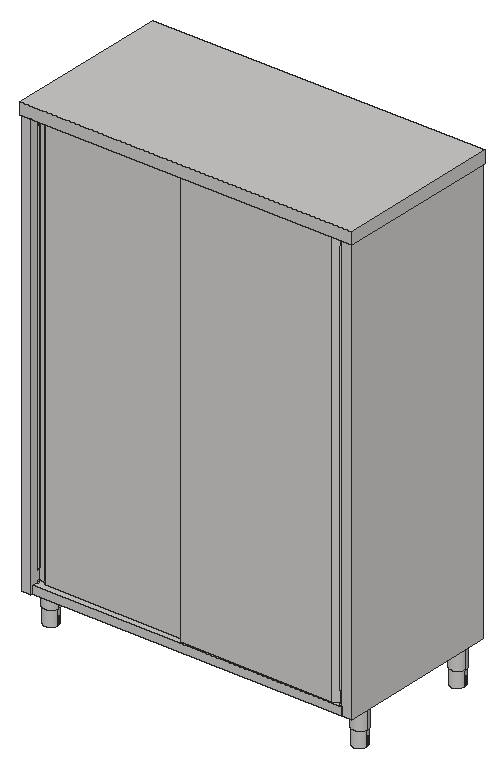
Revit family "QF_ZANUSSI_133102_AS1400EN", category Attrezzature speciali, Revit 2020
Family settings
  Quota connettore circolare = Usa diametro
  Tipo di parte = Normale
  Basato su piano di lavoro = No
  Sempre verticale = Sì
  Taglio con vuoti quando caricato = No
  Condiviso = No
  Punto di calcolo locali = No
Parameters (values of type "Standard")
  Weight = 120.00 kg
  Watts = 0 W
  Volts = 0 V
  URL Manufacturer = "http://www.zanussiprofessional.com"
  URL = "http://www.zanussiprofessional.com"
  Steam Supply Size = 0 mm
  Steam Supply Minimum Pressure = 0.0 Pa
  Steam Supply Maximum Pressure = 0.0 Pa
  Steam Consumption per Hour = 0
  Refrigeration Suction Line Size = 0.0 mm
  Refrigeration Liquid Line Size = 0.0 mm
  Refrigerant Compressor Remote = yes
  Prospetto di default = 0.0 mm
  Phase = 0
  Modello = "AS1400EN"
  Produttore = "Zanussi"
  Length Actual = 1400.0 mm  # constant formula
  Item Number = "133102"
  Hot Water Size = 0 mm
  Height Actual = 2000.0 mm  # constant formula
  HP = "0 HP"
  Gas Size = 0 mm
  Gas KW = 0
  Gas Input Pressure = 0 W
  Direct Waste Size = 0 mm
  Descrizione = "STORAGE CABINET W/SLIDING DOORS 1400 MM"
  Depth Actual = 700.0 mm  # constant formula
  Cycle = 0 Hz
  Condensate Return Size = 0 mm
  Compressed Air Volume = 0.0 L/s
  Compressed Air Size = 0 mm
  Compressed Air Pressure = 0.0 Pa
  Cold Water Size = 0 mm
  Accessory = yes
Reference planes
  plane 1 "Center (Front/Back)": y = 0
  plane 2: z = 0
  plane 3 "Center (Left/Right)": x = -300
  plane 4 "LEFT": x = -1000
  plane 5 "RIGHT": x = 400
  plane 6 "BACK": y = 350
  plane 7 "FRONT": y = -350
  plane 8 "TOP": z = 2000
  plane 9: x = -952
  plane 10: x = 352
  plane 11: y = 270
  plane 12: y = -247
  plane 13 "FEET": z = 150
  plane 14: x = -954.5
  plane 15: y = -344.5
  plane 16: x = 354.5
  plane 17: x = -326.5
  plane 18: x = -273.5
  plane 19 "BaseTop": z = 1950
  plane 20: x = -994.5
  plane 21: x = 394.5
  plane 22: y = 344.5
Forms (mm)
  Extrusion 1, solid, material "QF_Finishes_Stainless Steel"
    sketch origin (0, 0, 150) x (-1, 0, 0) y (0, -1, 0)
      loop
        line (994.5, -350) -> (994.5, 350) -> (954.5, 350) -> (954.5, -350) -> (994.5, -350)
      loop
        line (-354.5, -350) -> (-354.5, 344.5) -> (-394.5, 344.5) -> (-394.5, -350) -> (-354.5, -350)
    from 0 to 1800
  Extrusion 2, solid, material "QF_Finishes_Stainless Steel"
    sketch origin (0, 0, 150) x (-1, 0, 0) y (0, -1, 0)
      loop
        line (954.5, -347) -> (954.5, 344.5) -> (-354.5, 344.5) -> (-354.5, -347) -> (954.5, -347)
    from 0 to 35
  Extrusion 3, solid, material "QF_Finishes_Stainless Steel"
    sketch origin (33, 0, 150) x (-1, 0, 0) y (0, -1, 0)
      loop
        line (306.5, 324.5) -> (306.5, 304.5) -> (985, 304.5) -> (985, 319.071) -> (977.942, 326.129) -> (976.312, 324.5) -> (983, 317.812) -> (983, 309.5) -> (966.034, 309.5) -> (946.034, 324.5) -> (306.5, 324.5)
    from 1800 to 40
  Extrusion 4, void
    sketch origin (0, -350, 0) x (-1, 0, 0) y (0, 0, 1)
      loop
        line (942.418, 247.973) -> (942.418, 191.4) -> (954.5, 191.4) -> (954.5, 229.369) -> (942.418, 247.973)
      loop
        line (942.418, 1916.627) -> (954.5, 1935.231) -> (954.5, 1950) -> (942.418, 1950) -> (942.418, 1916.627)
    from 20.5 to 40.5
  Extrusion 5, solid, material "QF_Finishes_Stainless Steel"
    sketch origin (0, 0, 150) x (-1, 0, 0) y (0, -1, 0)
      loop
        line (-354.5, -350) -> (954.5, -350) -> (954.5, -327) -> (-354.5, -327) -> (-354.5, -350)
    from 1800 to 35
  Extrusion 6, solid, material "QF_Finishes_Stainless Steel"
    sketch origin (0, 0, 1950) x (-1, 0, 0) y (0, -1, 0)
      loop
        line (1000, 350) -> (-400, 350) -> (-400, -350) -> (1000, -350) -> (1000, 350)
    from 0 to 50
  Extrusion 7, solid, material "QF_Finishes_Stainless Steel"
    sketch origin (-633, 0, 150) x (1, 0, 0) y (0, 1, 0)
      loop
        line (306.5, -344.5) -> (946.034, -344.5) -> (966.034, -329.5) -> (983, -329.5) -> (983, -337.812) -> (976.312, -344.5) -> (977.942, -346.129) -> (985, -339.071) -> (985, -324.5) -> (306.5, -324.5) -> (306.5, -344.5)
    from 1800 to 40
  Extrusion 8, void
    sketch origin (-600, -350, 0) x (1, 0, 0) y (0, 0, -1)
      loop
        line (942.418, -247.973) -> (954.5, -229.369) -> (954.5, -191.4) -> (942.418, -191.4) -> (942.418, -247.973)
      loop
        line (942.418, -1916.627) -> (942.418, -1950) -> (954.5, -1950) -> (954.5, -1935.231) -> (942.418, -1916.627)
    from 2.538 to 20.5
Cuts and joins
  Extrusion 4, Extrusion 8 cuts Extrusion 3
  Extrusion 8 cuts Extrusion 1
  Extrusion 8 cuts Extrusion 7
Lines and regions (mm)
  symbolic lines, style "SpecialityEquipmentHiddenLines"
    curve 1: line (-951.5, -324.5, 1600) -> (-951.5, -329.5, 1600)
    curve 6: line (-1000, -350, 1950) -> (400, 350, 1950)
    curve 7: line (-326.5, -324.5, 200) -> (-326.5, -344.5, 200)
    curve 8: line (-952, -304.5, 1950) -> (-273.5, -304.5, 1950)
    curve 9: line (-273.5, -304.5, 1950) -> (-273.5, -324.5, 1950)
    curve 10: line (-273.5, -324.5, 1950) -> (-913.034, -324.5, 1950)
    curve 11: line (-913.034, -324.5, 1950) -> (-933.034, -309.5, 1950)
    curve 12: line (-933.034, -309.5, 1950) -> (-952, -309.5, 1950)
    curve 13: line (-952, -309.5, 1950) -> (-952, -304.5, 1950)
    curve 14: line (-326.5, -344.5, 1950) -> (313.034, -344.5, 1950)
    curve 15: line (313.034, -344.5, 1950) -> (333.034, -329.5, 1950)
    curve 16: line (333.034, -329.5, 1950) -> (352, -329.5, 1950)
    curve 17: line (352, -329.5, 1950) -> (352, -324.5, 1950)
    curve 18: line (352, -324.5, 1950) -> (-273.5, -324.5, 1950)
  symbolic lines, style "SpecialityEquipment"
    curve 2: line (-1000, 350, 1950) -> (400, 350, 1950)
    curve 3: line (-1000, -350, 1950) -> (-1000, 350, 1950)
    curve 4: line (400, -350, 1950) -> (-1000, -350, 1950)
    curve 5: line (400, 350, 1950) -> (400, -350, 1950)
Dimensions and locks
  plane 4 "LEFT" to plane 5 "RIGHT" = 1400.0 mm
  equal spacing: plane 4 "LEFT", plane 3 "Center (Left/Right)", plane 5 "RIGHT"
  plane 6 "BACK" to plane 7 "FRONT" = 700.0 mm
  equal spacing: plane 6 "BACK", plane 1 "Center (Front/Back)", plane 7 "FRONT"
  locked: plane 13 "FEET" to level at 150
  locked: plane 4 "LEFT" to plane 9 at 48
  locked: plane 10 to plane 5 "RIGHT" at 48
  locked: plane 6 "BACK" to plane 11 at 80
  locked: plane 12 to plane 7 "FRONT" at 103
  locked: plane 8 "TOP" to level at 2000
  locked: plane 17 to plane 18 at 53
  equal spacing: plane 17, plane 3 "Center (Left/Right)", plane 18
  locked: plane 8 "TOP" to plane 19 "BaseTop" at 50
  plane 4 "LEFT" to plane 20 = 5.5 mm
  locked: plane 20 to plane 14 at 40
  locked: plane 16 to plane 21 at 40
  locked: plane 21 to plane 5 "RIGHT" at 5.5
  plane 15 to plane 7 "FRONT" = 5.5 mm  (x2)
  plane 6 "BACK" to plane 22 = 5.5 mm
  aligned and locked: level to plane 2
  aligned and locked: plane 9 to nested 1
  aligned and locked: plane 10 to nested 2
  aligned and locked: nested 4 to plane 11
  aligned and locked: plane 9 to nested 3
  aligned and locked: nested 3 to plane 11
  aligned and locked: plane 6 "BACK" to Extrusion 1 sketch curve
  aligned and locked: Extrusion 1 sketch curve to plane 6 "BACK"
  aligned and locked: Extrusion 1 sketch curve to plane 7 "FRONT"
  aligned and locked: plane 14 to Extrusion 1
  aligned and locked: Extrusion 2 to plane 14
  aligned and locked: Extrusion 2 to plane 15
  aligned and locked: nested 1 to plane 12
  aligned and locked: nested 2 to plane 12
  aligned and locked: Extrusion 2 sketch curve to plane 16
  aligned and locked: plane 18 to Extrusion 3
  aligned and locked: nested 4 to nested 2
  aligned and locked: plane 16 to Extrusion 5
  aligned and locked: Extrusion 5 to plane 14
  aligned and locked: plane 19 "BaseTop" to Extrusion 3
  aligned and locked: plane 19 "BaseTop" to Extrusion 5
  aligned and locked: plane 19 "BaseTop" to cut or joined group of Extrusion 7, Extrusion 8
  aligned and locked: plane 19 "BaseTop" to cut or joined group of Extrusion 1, Extrusion 8
Automatic sketch dimensions
  Extrusion 1 sketch curve to plane 15 = 0.0 mm
  Extrusion 1 sketch curve to plane 21 = 0.0 mm
  Extrusion 1 sketch curve to plane 16 = 0.0 mm
  Extrusion 1 sketch curve to plane 14 = 0.0 mm
  Extrusion 1 sketch curve to plane 20 = 0.0 mm
  Extrusion 2 sketch curve to plane 14 = 0.0 mm
  Extrusion 2 sketch curve to plane 15 = 0.0 mm
  plane 22 to Extrusion 2 sketch curve = 2.5 mm
  Extrusion 3 sketch curve to plane 18 = 0.0 mm
  plane 15 to Extrusion 3 sketch curve = 20.0 mm  (x2)
  Extrusion 3 sketch curve to plane 9 = 0.0 mm
  plane 9 to Extrusion 3 sketch curve = 38.966 mm
  plane 9 to Extrusion 3 sketch curve = 18.966 mm
  plane 9 to Extrusion 3 sketch curve = 8.688 mm
  plane 15 to Extrusion 3 sketch curve = 18.371 mm
  Extrusion 3 sketch curve to Extrusion 3 sketch curve = 1.629 mm
  plane 9 to Extrusion 3 sketch curve = 2.0 mm
  plane 15 to Extrusion 3 sketch curve = 35.0 mm
  Extrusion 3 sketch curve to Extrusion 3 sketch curve = 5.0 mm
  plane 9 to curve 1 = 0.5 mm
  plane 15 to curve 1 = 15.0 mm
  curve 1 to curve 1 = 5.0 mm
  curve 7 to plane 15 = 0.0 mm
  curve 7 to plane 17 = 0.0 mm
  plane 15 to curve 7 = 20.0 mm
  Extrusion 5 sketch curve to plane 6 "BACK" = 0.0 mm
  Extrusion 5 sketch curve to plane 16 = 0.0 mm
  Extrusion 5 sketch curve to plane 14 = 0.0 mm
  plane 22 to Extrusion 5 sketch curve = 17.5 mm
  Extrusion 6 sketch curve to plane 5 "RIGHT" = 0.0 mm
  Extrusion 6 sketch curve to plane 4 "LEFT" = 0.0 mm
  Extrusion 6 sketch curve to plane 6 "BACK" = 0.0 mm
  Extrusion 6 sketch curve to plane 7 "FRONT" = 0.0 mm
  Extrusion 7 sketch curve to plane 17 = 0.0 mm
  Extrusion 7 sketch curve to plane 15 = 0.0 mm  (x2)
  Extrusion 7 sketch curve to plane 10 = 0.0 mm
  plane 10 to Extrusion 7 sketch curve = 38.966 mm
  plane 10 to Extrusion 7 sketch curve = 18.966 mm
  plane 10 to Extrusion 7 sketch curve = 8.688 mm
  plane 15 to Extrusion 7 sketch curve = 1.629 mm
  Extrusion 7 sketch curve to Extrusion 7 sketch curve = 1.629 mm
  plane 10 to Extrusion 7 sketch curve = 2.0 mm
  Extrusion 7 sketch curve to plane 15 = 15.0 mm
  Extrusion 7 sketch curve to Extrusion 7 sketch curve = 5.0 mm
  Extrusion 4 sketch curve to plane 19 "BaseTop" = 0.0 mm
  Extrusion 4 sketch curve to plane 14 = 0.0 mm  (x2)
  plane 9 to Extrusion 4 sketch curve = 9.582 mm  (x2)
  Extrusion 4 sketch curve to plane 19 "BaseTop" = 14.769 mm
  plane 13 "FEET" to Extrusion 4 sketch curve = 97.973 mm
  Extrusion 4 sketch curve to Extrusion 4 sketch curve = 18.604 mm  (x2)
  Extrusion 4 sketch curve to Extrusion 4 sketch curve = 37.969 mm
  Extrusion 8 sketch curve to plane 19 "BaseTop" = 0.0 mm
  plane 16 to Extrusion 8 sketch curve = 0.0 mm
  plane 10 to Extrusion 8 sketch curve = 9.582 mm  (x2)
  Extrusion 8 sketch curve to Extrusion 8 sketch curve = 18.604 mm  (x2)
  Extrusion 8 sketch curve to Extrusion 8 sketch curve = 37.969 mm
  Extrusion 8 sketch curve to plane 16 = 0.0 mm
  plane 19 "BaseTop" to Extrusion 8 sketch curve = 14.769 mm
  Extrusion 8 sketch curve to plane 13 "FEET" = 97.973 mm
  curve 6 to plane 5 "RIGHT" = 0.0 mm
  curve 17 to plane 10 = 0.0 mm
  curve 14 to plane 15 = 0.0 mm
  curve 10 to plane 18 = 0.0 mm
  curve 14 to plane 17 = 0.0 mm
  curve 12 to plane 9 = 0.0 mm
  curve 4 to plane 4 "LEFT" = 0.0 mm
  curve 2 to plane 6 "BACK" = 0.0 mm
  curve 5 to plane 7 "FRONT" = 0.0 mm
  curve 16 to plane 10 = 18.966 mm
  curve 15 to curve 14 = 20.0 mm
  plane 9 to curve 10 = 38.966 mm
  curve 12 to curve 12 = 18.966 mm
  curve 8 to curve 12 = 5.0 mm
  curve 8 to curve 10 = 20.0 mm
  plane 15 to curve 17 = 15.0 mm
  curve 17 to curve 16 = 5.0 mm
Nested families
  nested 1: "FEET_D60-150" at (-952, -247, 0), type "FEET_D60-150"
  nested 2: "FEET_D60-150" at (352, -247, 0), type "FEET_D60-150"
  nested 3: "FEET_D60-150" at (-952, 270, 0), type "FEET_D60-150"
  nested 4: "FEET_D60-150" at (352, 270, 0), type "FEET_D60-150"
Definition of nested family "FEET_D60-150"
  Parameters
    Default Elevation = 0.0 mm
    FEET = 150.0 mm
  Reference planes
    plane 1 "Center (Front/Back)": y = 0
    plane 2: z = 0
    plane 3 "Center (Left/Right)": x = 0
    plane 4: z = 150
  Forms (mm)
    Extrusion 1, solid
      sketch origin (0, 0, 0) x (1, 0, 0) y (0, 1, 0)
        loop
          circle (0, 0) r 28
      from 0 to 67
    Revolve 2, solid
      sketch origin (0, 0, 0) x (1, 0, 0) y (0, 0, 1)
        loop
          line (0, 0) -> (0, 150) -> (-32.939, 150) -> (-32.939, 67) -> (-30, 67) -> (-30, 0) -> (0, 0)
        axis (0, 150) -> (0, 0)
      angle from 0 to 360
  Lines and regions (mm)
    symbolic lines
      curve 1: line (0, -1.503, 0) -> (0, 1.508, 0)
      curve 2: line (1.561, 0, 0) -> (-1.439, 0, 0)
  Dimensions and locks
    "FEET": plane 4 to plane 2
    aligned and locked: level to plane 2
  Automatic sketch dimensions
    plane 1 "Center (Front/Back)" to Extrusion 1 sketch curve = 0.0 mm
    Extrusion 1 sketch curve to plane 3 "Center (Left/Right)" = 0.0 mm
    plane 1 "Center (Front/Back)" to curve 2 = 0.0 mm
    curve 1 to plane 3 "Center (Left/Right)" = 0.0 mm
    curve 2 to plane 3 "Center (Left/Right)" = 1.439 mm
    plane 3 "Center (Left/Right)" to curve 2 = 1.561 mm
    plane 1 "Center (Front/Back)" to curve 1 = 1.503 mm
    curve 1 to plane 1 "Center (Front/Back)" = 1.508 mm
    Revolve 2 sketch curve to plane 4 = 0.0 mm
    Revolve 2 sketch curve to level = 0.0 mm
    Revolve 2 sketch curve to plane 3 "Center (Left/Right)" = 0.0 mm  (x2)
    Revolve 2 sketch curve to plane 3 "Center (Left/Right)" = 30.0 mm
    Revolve 2 sketch curve to plane 3 "Center (Left/Right)" = 32.939 mm
    level to Revolve 2 sketch curve = 67.0 mm
    Revolve 2 sketch curve to level = 42.207 mm
    Revolve 2 sketch curve to Revolve 2 sketch curve = 10.0 mm
    radius of Extrusion 1 sketch curve = 28.0 mm
